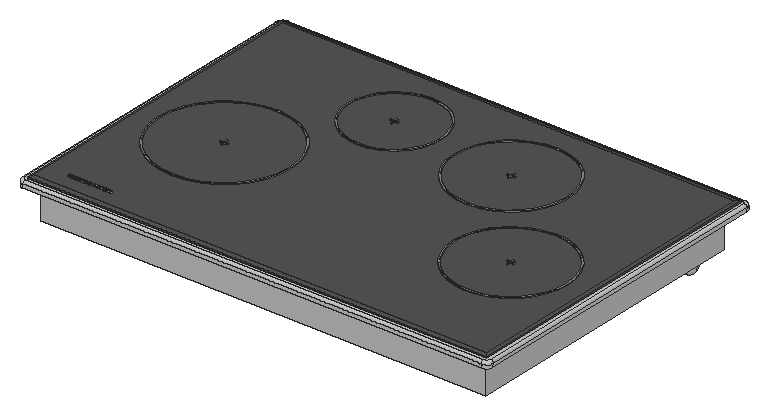
Revit family "FP_Revit_18_CI304PTX4_Cooktop_90001202B", category Specialty Equipment, Revit 2018
Family settings
  Round Connector Dimension = Use Diameter
  Part Type = Normal
  OmniClass Number = 23.40.40.14.17.11
  OmniClass Title = Cookers, Ovens, Stoves
  Work Plane-Based = No
  Always vertical = Yes
  Cut with Voids When Loaded = Yes
  Shared = No
  Room Calculation Point = No
Parameters
  Visibility - Clearance Required = yes
  URL = "www.fisherpaykel.com"
  Product - Width = 762 mm  # constant formula
  Product - Height = 97 mm  # constant formula
  Product - Depth = 533 mm  # constant formula
  Model = "CI304PTX4"
  Material - Trim = Fisher & Paykel - Stainless Steel
  Material - Graphics = Fisher & Paykel - Graphics Grey
  Material - Glass = Fisher & Paykel - Glass, Black
  Material - Body = Fisher & Paykel - Grey
  Manufacturer = "Fisher & Paykel Appliances"
  FFL Offset [instance] = 915 mm
  Description = "30\" Induction Cooktop"
  Connector Note - Electrical = "208 or 240 V, 39 A or 45 A, 60 Hz,"
  Clearance - Side of cooktop to nearest Combustible Surface = 14 mm  # constant formula
  Clearance - Rear of cooktop to nearest Combustible Surface = 12 mm  # constant formula
  Clearance - Overhead Rangehood = 650 mm  # constant formula
  Clearance - Overhead Non-Combustible = 610 mm  # constant formula
  Clearance - Overhead Combustible = 762 mm  # constant formula
  Clearance - Below = 85 mm  # constant formula
  Chassis - Width = 720 mm  # constant formula
  Chassis - Height = 53 mm  # constant formula
  Chassis - Depth = 482 mm  # constant formula
  Cavity - Width = 730 mm  # constant formula
  Cavity - Height = 85 mm  # constant formula
  Cavity - Depth = 490 mm  # constant formula
Reference planes
  plane 1 "Datum": y = 0
  plane 2: z = 0
  plane 3 "Center (Left/Right)": x = 0
  plane 4 "Product LHS": x = -381
  plane 5 "Product RHS": x = 381
  plane 6 "Product - Depth": y = 533
  plane 7 "Cavity LHS": x = -365
  plane 8 "Cavity RHS": x = 365
  plane 9 "Chassis - Front": y = 21
  plane 10 "Cavity - Depth": y = 506.2
  plane 11 "Chassis - Depth": y = 503
  plane 12 "Bottom": z = 830
  plane 13 "FFL Offset": z = 915
  plane 14 "Glass": z = 928.5
  plane 15 "Cavity - Front": y = 16.2
Forms (mm)
  Extrusion 1, solid, material "Fisher & Paykel - Glass, Black" <- "Material - Glass"
    sketch origin (0, 0, 0) x (0, 1, 0) y (0, 0, 1)
      loop
        line (15.01, 928.5) -> (9.994, 927.062) -> (9.994, 924.5) -> (523.361, 924.5) -> (523.361, 927.076) -> (518.396, 928.5) -> (15.01, 928.5)
    from -371 to 371
  Extrusion 2, solid, material "Fisher & Paykel - Clearance Required (Cutout)", visible <- "Visibility - Clearance Required", detail levels coarse
    sketch origin (0, 0, 0) x (1, 0, 0) y (0, 1, 0)
      loop
        line (-365, 506.2) -> (-365, 16.2) -> (365, 16.2) -> (365, 506.2) -> (-365, 506.2)
    from 830 to 915
  Extrusion 3, solid, material "Fisher & Paykel - Clearance Required (Non-Combustible)", visible <- "Visibility - Clearance Required", detail levels coarse
    sketch origin (0, 0, 0) x (1, 0, 0) y (0, 1, 0)
      loop
        line (-381, 0) -> (381, 0) -> (381, 533) -> (-381, 533) -> (-381, 0)
    from 928.5 to 1538.5
  Extrusion 4, solid, material "Fisher & Paykel - Clearance Required (Rangehood)", visible <- "Visibility - Clearance Required", detail levels coarse
    sketch origin (0, 0, 0) x (1, 0, 0) y (0, 1, 0)
      loop
        line (-381, 533) -> (-381, 0) -> (381, 0) -> (381, 533) -> (-381, 533)
    from 1538.5 to 1578.5
  Extrusion 5, solid, material "Fisher & Paykel - Grey" <- "Material - Body"
    sketch origin (0, 0, 0) x (0, 1, 0) y (0, 0, 1)
      loop
        line (21, 862) -> (503, 862) -> (503, 915) -> (21, 915) -> (21, 862)
    from -360 to 360
  Extrusion 6, solid, material "Fisher & Paykel - Stainless Steel" <- "Material - Trim"
    sketch origin (0, 0, 0) x (1, 0, 0) y (0, 1, 0)
      loop
        line (-371, 0) -> (371, 0)
        arc (371, 0) -> (378.071, 2.929) -> (381, 10) r 10
        line (381, 10) -> (381, 523)
        arc (381, 523) -> (378.071, 530.071) -> (371, 533) r 10
        line (371, 533) -> (-371, 533)
        arc (-371, 533) -> (-378.071, 530.071) -> (-381, 523) r 10
        line (-381, 523) -> (-381, 10)
        arc (-381, 10) -> (-378.071, 2.929) -> (-371, 0) r 10
    from 915 to 924.5
  Sweep 7, void
    path in 3D
      loop
        arc (381, 523, 924.5) -> (378.071, 530.071, 924.5) -> (371, 533, 924.5) r 10
        line (371, 533, 924.5) -> (-371, 533, 924.5)
        arc (-371, 533, 924.5) -> (-378.071, 530.071, 924.5) -> (-381, 523, 924.5) r 10
        line (-381, 523, 924.5) -> (-381, 10, 924.5)
        arc (-381, 10, 924.5) -> (-378.071, 2.929, 924.5) -> (-371, 0, 924.5) r 10
        line (-371, 0, 924.5) -> (371, 0, 924.5)
        arc (371, 0, 924.5) -> (378.071, 2.929, 924.5) -> (381, 10, 924.5) r 10
        line (381, 10, 924.5) -> (381, 523, 924.5)
    profile origin (381, 266.5, 924.5) x (-1, 0, 0) y (0, 0, 1)
      loop
        line (0, 0) -> (0, -4)
        arc (0, -4) -> (1.172, -1.172) -> (4, 0) r 4
        line (4, 0) -> (0, 0)
  Extrusion 8, void
    sketch origin (0, 0, 0) x (1, 0, 0) y (0, 0, 1)
      loop
        line (371, 927.066) -> (371, 928.5) -> (366.311, 928.5) -> (371, 927.066)
      loop
        line (-371, 927.066) -> (-366.311, 928.5) -> (-371, 928.5) -> (-371, 927.066)
    from -523.365 to -9.994
  Extrusion 9, solid, material "Fisher & Paykel - Graphics Grey" <- "Material - Graphics", detail levels fine
    sketch origin (0, 0, 0) x (1, 0, 0) y (0, 1, 0)
      loop
        circle (106.166, 390.579) r 92
      loop
        circle (106.166, 390.579) r 89.798
      loop
        circle (244.829, 216.24) r 89.797
      loop
        circle (244.829, 216.24) r 92
      loop
        circle (-230.498, 231.219) r 107
      loop
        circle (-230.498, 231.219) r 104.798
      loop
        circle (-96.947, 408.202) r 75.5
      loop
        circle (-96.947, 408.202) r 73.299
      loop
        line (-95.963, 414.445) -> (-97.931, 414.445) -> (-97.931, 409.279) -> (-103.097, 409.279) -> (-103.097, 407.311) -> (-97.931, 407.311) -> (-97.931, 402.145) -> (-95.963, 402.145) -> (-95.963, 407.311) -> (-90.797, 407.311) -> (-90.797, 409.279) -> (-95.963, 409.279) -> (-95.963, 414.445)
      loop
        line (-229.362, 237.46) -> (-231.33, 237.46) -> (-231.33, 232.293) -> (-236.496, 232.293) -> (-236.496, 230.326) -> (-231.33, 230.326) -> (-231.33, 225.16) -> (-229.362, 225.16) -> (-229.362, 230.326) -> (-224.196, 230.326) -> (-224.196, 232.293) -> (-229.362, 232.293) -> (-229.362, 237.46)
      loop
        line (245.808, 222.28) -> (243.84, 222.28) -> (243.84, 217.114) -> (238.674, 217.114) -> (238.674, 215.146) -> (243.84, 215.146) -> (243.84, 209.98) -> (245.808, 209.98) -> (245.808, 215.146) -> (250.974, 215.146) -> (250.974, 217.114) -> (245.808, 217.114) -> (245.808, 222.28)
      loop
        line (107.238, 396.85) -> (105.27, 396.85) -> (105.27, 391.684) -> (100.104, 391.684) -> (100.104, 389.716) -> (105.27, 389.716) -> (105.27, 384.55) -> (107.238, 384.55) -> (107.238, 389.716) -> (112.404, 389.716) -> (112.404, 391.684) -> (107.238, 391.684) -> (107.238, 396.85)
    from 928 to 929
  Extrusion 10, solid, material "Fisher & Paykel - Clearance Required (Combustible)", visible <- "Visibility - Clearance Required", detail levels coarse
    sketch origin (0, -0.3, 0) x (1, 0, 0) y (0, 1, 0)
      loop
        line (-381, 0.3) -> (-381, 533.3) -> (381, 533.3) -> (381, 0.3) -> (395, 0.3) -> (395, 545.3) -> (-395, 545.3) -> (-395, 0.3) -> (-381, 0.3)
    from 928.5 to 1578.5
  Extrusion 11, void
    sketch origin (0, 0, 0) x (1, 0, 0) y (0, 1, 0)
      loop
        line (-365, 506.2) -> (-365, 16.2) -> (365, 16.2) -> (365, 506.2) -> (-365, 506.2)
    from 830 to 915
Cuts and joins
  Sweep 7 cuts Extrusion 6
  Extrusion 8 cuts Extrusion 1
Lines and regions (mm)
  sketch lines
    curve 1: line (381, 10, 924.5) -> (381, 523, 924.5)
    curve 2: arc (381, 10, 924.5) -> (378.071, 2.929, 924.5) -> (371, 0, 924.5) r 10
    curve 3: line (-371, 0, 924.5) -> (371, 0, 924.5)
    curve 4: arc (-371, 0, 924.5) -> (-378.071, 2.929, 924.5) -> (-381, 10, 924.5) r 10
    curve 5: line (-381, 523, 924.5) -> (-381, 10, 924.5)
    curve 6: arc (-381, 523, 924.5) -> (-378.071, 530.071, 924.5) -> (-371, 533, 924.5) r 10
    curve 7: line (371, 533, 924.5) -> (-371, 533, 924.5)
    curve 8: arc (371, 533, 924.5) -> (378.071, 530.071, 924.5) -> (381, 523, 924.5) r 10
Text (mm)
  text "Due to ongoing product development, product details are subject to change without notice. \nPlease always refer to www.fisherpaykel.com for the most current product information. \n© Fisher & Paykel 2020" at (41.04, -387.478, 0), in view "Ref. Level (Plan)"
Dimensions and locks
  equal spacing: plane 4 "Product LHS", plane 3 "Center (Left/Right)", plane 5 "Product RHS"
  "Product - Width": plane 4 "Product LHS" to plane 5 "Product RHS"
  equal spacing: plane 7 "Cavity LHS", plane 3 "Center (Left/Right)", plane 8 "Cavity RHS"
  "Cavity - Width": plane 7 "Cavity LHS" to plane 8 "Cavity RHS"
  equal spacing: Extrusion 5, plane 3 "Center (Left/Right)", Extrusion 5
  "Chassis - Width": Extrusion 5 to Extrusion 5
  plane 1 "Datum" to plane 9 "Chassis - Front" = 21 mm  (x2)
  "Chassis - Depth": plane 11 "Chassis - Depth" to plane 9 "Chassis - Front"
  plane 4 "Product LHS" to nested 1 = 50.003 mm
  cut or joined group of Extrusion 1, Extrusion 8 to nested 1 = 75 mm
  plane 1 "Datum" to nested 1 = 40.356 mm
  "FFL Offset": plane 13 "FFL Offset" to level
  "Chassis - Height": plane 13 "FFL Offset" to Extrusion 5
  locked: Extrusion 1 sketch curve to plane 13 "FFL Offset" at 9.5
  locked: cut or joined group of Extrusion 6, Sweep 7 to Extrusion 1 sketch curve at 13.5
  "Cavity - Height": plane 13 "FFL Offset" to plane 12 "Bottom"
  locked: plane 13 "FFL Offset" to nested 2 at 50.098
  locked: plane 14 "Glass" to plane 13 "FFL Offset" at 13.5
  locked: plane 14 "Glass" to nested 1 at 0.8
  locked: cut or joined group of Extrusion 1, Extrusion 8 to plane 13 "FFL Offset" at 9.5
  equal spacing: cut or joined group of Extrusion 1, Extrusion 8, plane 3 "Center (Left/Right)", cut or joined group of Extrusion 1, Extrusion 8
  cut or joined group of Extrusion 1, Extrusion 8 to cut or joined group of Extrusion 1, Extrusion 8 = 742 mm
  locked: Extrusion 9 to plane 13 "FFL Offset" at 14
  locked: Extrusion 9 to plane 13 "FFL Offset" at 13
  "Clearance - Overhead Non-Combustible": plane 14 "Glass" to Extrusion 4
  plane 12 "Bottom" to Extrusion 10 = 98.5 mm
  "Cavity - Depth": plane 15 "Cavity - Front" to plane 10 "Cavity - Depth"
  "Clearance - Rear of cooktop to nearest Combustible Surface": Extrusion 10 to plane 6 "Product - Depth"
  "Clearance - Side of cooktop to nearest Combustible Surface": Extrusion 10 to plane 4 "Product LHS"
  "Clearance - Side of cooktop to nearest Combustible Surface": plane 5 "Product RHS" to Extrusion 10
  "Clearance - Overhead Rangehood": plane 14 "Glass" to Extrusion 10
  aligned and locked: level to plane 2
  aligned and locked: Extrusion 4 to Extrusion 3
  aligned and locked: plane 10 "Cavity - Depth" to Extrusion 2
  aligned and locked: plane 6 "Product - Depth" to Extrusion 6 sketch curve
  aligned and locked: plane 13 "FFL Offset" to Extrusion 5
  aligned and locked: plane 14 "Glass" to Extrusion 10
  aligned and locked: plane 14 "Glass" to Extrusion 3
  aligned and locked: Extrusion 6 to Extrusion 2
  aligned and locked: Extrusion 8 to Extrusion 1
  aligned and locked: Extrusion 8 sketch curve to cut or joined group of Extrusion 1, Extrusion 8
  aligned and locked: Sweep 7 sketch curve to profile plane
  aligned and locked: profile plane to Sweep 7 sketch curve
  aligned and locked: Extrusion 6 to Extrusion 5
  aligned and locked: Extrusion 6 to Sweep 7
  aligned and locked: Extrusion 6 to cut or joined group of Extrusion 1, Extrusion 8
  aligned and locked: Extrusion 6 to plane 13 "FFL Offset"
  aligned and locked: Extrusion 11 to Extrusion 2
  aligned and locked: Extrusion 2 to Extrusion 11
  aligned and locked: Extrusion 11 to plane 12 "Bottom"
  aligned and locked: plane 15 "Cavity - Front" to Extrusion 11
  aligned and locked: plane 15 "Cavity - Front" to Extrusion 2
  aligned and locked: Extrusion 10 to Extrusion 4
Automatic sketch dimensions
  plane 10 "Cavity - Depth" to Extrusion 1 sketch curve = 12.196 mm
  plane 14 "Glass" to Extrusion 1 sketch curve = 1.424 mm
  Extrusion 1 sketch curve to Extrusion 1 sketch curve = 4.965 mm
  plane 14 "Glass" to Extrusion 1 sketch curve = 1.438 mm
  Extrusion 2 sketch curve to plane 10 "Cavity - Depth" = 0 mm
  plane 7 "Cavity LHS" to Extrusion 2 sketch curve = 0 mm
  Extrusion 2 sketch curve to plane 8 "Cavity RHS" = 0 mm
  Extrusion 3 sketch curve to plane 4 "Product LHS" = 0 mm
  Extrusion 3 sketch curve to plane 5 "Product RHS" = 0 mm
  plane 1 "Datum" to Extrusion 3 sketch curve = 0 mm
  Extrusion 3 sketch curve to plane 6 "Product - Depth" = 0 mm
  plane 1 "Datum" to Extrusion 4 sketch curve = 0 mm
  Extrusion 4 sketch curve to plane 4 "Product LHS" = 0 mm
  Extrusion 4 sketch curve to plane 5 "Product RHS" = 0 mm
  Extrusion 4 sketch curve to plane 6 "Product - Depth" = 0 mm
  Extrusion 5 sketch curve to plane 9 "Chassis - Front" = 0 mm
  Extrusion 5 sketch curve to plane 11 "Chassis - Depth" = 0 mm
  Extrusion 5 sketch curve to plane 13 "FFL Offset" = 0 mm
  plane 12 "Bottom" to Extrusion 5 sketch curve = 32 mm
  Extrusion 6 sketch curve to plane 4 "Product LHS" = 0 mm
  plane 1 "Datum" to Extrusion 6 sketch curve = 0 mm
  Extrusion 6 sketch curve to plane 5 "Product RHS" = 0 mm
  plane 7 "Cavity LHS" to Extrusion 6 sketch curve = 6 mm  (x2)
  Extrusion 6 sketch curve to plane 8 "Cavity RHS" = 6 mm  (x2)
  Sweep 7 sketch curve to profile plane = 4 mm
  Extrusion 8 sketch curve to plane 14 "Glass" = 0 mm  (x2)
  Extrusion 8 sketch curve to plane 8 "Cavity RHS" = 1.311 mm
  plane 7 "Cavity LHS" to Extrusion 8 sketch curve = 1.311 mm
  plane 14 "Glass" to Extrusion 8 sketch curve = 1.434 mm
  Extrusion 8 sketch curve to Extrusion 8 sketch curve = 4.689 mm
  Extrusion 8 sketch curve to Extrusion 8 sketch curve = 1.434 mm
  Extrusion 9 sketch curve to Extrusion 9 sketch curve = 0 mm  (x16)
  Extrusion 9 sketch curve to plane 7 "Cavity LHS" = 128.504 mm
  Extrusion 9 sketch curve to Extrusion 9 sketch curve = 5.166 mm  (x16)
  Extrusion 9 sketch curve to Extrusion 9 sketch curve = 0.832 mm
  Extrusion 9 sketch curve to Extrusion 9 sketch curve = 1.968 mm  (x9)
  Extrusion 9 sketch curve to plane 3 "Center (Left/Right)" = 103.097 mm
  Extrusion 9 sketch curve to Extrusion 9 sketch curve = 0.984 mm  (x2)
  plane 3 "Center (Left/Right)" to Extrusion 9 sketch curve = 100.104 mm
  Extrusion 9 sketch curve to Extrusion 9 sketch curve = 0.897 mm
  plane 8 "Cavity RHS" to Extrusion 9 sketch curve = 126.326 mm
  Extrusion 9 sketch curve to Extrusion 9 sketch curve = 0.989 mm
  Extrusion 9 sketch curve to Extrusion 9 sketch curve = 0.979 mm
  Extrusion 9 sketch curve to plane 9 "Chassis - Front" = 188.98 mm
  Extrusion 9 sketch curve to Extrusion 9 sketch curve = 1.094 mm
  Extrusion 9 sketch curve to plane 9 "Chassis - Front" = 204.16 mm
  Extrusion 9 sketch curve to Extrusion 9 sketch curve = 0.893 mm
  Extrusion 9 sketch curve to Extrusion 9 sketch curve = 1.075 mm  (x2)
  Extrusion 9 sketch curve to plane 11 "Chassis - Depth" = 118.45 mm
  Extrusion 9 sketch curve to Extrusion 9 sketch curve = 0.863 mm
  Extrusion 9 sketch curve to Extrusion 9 sketch curve = 1.105 mm
  Extrusion 9 sketch curve to plane 11 "Chassis - Depth" = 100.855 mm
  Extrusion 9 sketch curve to Extrusion 9 sketch curve = 0.891 mm
  Extrusion 9 sketch curve to Extrusion 9 sketch curve = 1.077 mm  (x2)
  plane 1 "Datum" to Extrusion 10 sketch curve = 0 mm  (x2)
  Extrusion 10 sketch curve to plane 4 "Product LHS" = 0 mm
  Extrusion 10 sketch curve to plane 5 "Product RHS" = 0 mm
  Extrusion 10 sketch curve to plane 6 "Product - Depth" = 0 mm
  plane 6 "Product - Depth" to Extrusion 10 sketch curve = 12 mm
  plane 4 "Product LHS" to Extrusion 10 sketch curve = 14 mm
  Extrusion 10 sketch curve to plane 5 "Product RHS" = 14 mm
  Extrusion 11 sketch curve to plane 10 "Cavity - Depth" = 0 mm
  plane 7 "Cavity LHS" to Extrusion 11 sketch curve = 0 mm
  Extrusion 11 sketch curve to plane 8 "Cavity RHS" = 0 mm
  plane 9 "Chassis - Front" to Extrusion 1 sketch curve = 5.99 mm
  Extrusion 1 sketch curve to Extrusion 1 sketch curve = 5.015 mm
  plane 9 "Chassis - Front" to Extrusion 2 sketch curve = 4.8 mm
  plane 9 "Chassis - Front" to Extrusion 11 sketch curve = 4.8 mm
  radius of Extrusion 9 sketch curve = 92 mm  (x2)
  radius of Extrusion 9 sketch curve = 89.798 mm
  radius of Extrusion 9 sketch curve = 89.797 mm
  radius of Extrusion 9 sketch curve = 107 mm
  radius of Extrusion 9 sketch curve = 104.798 mm
  radius of Extrusion 9 sketch curve = 75.5 mm
  radius of Extrusion 9 sketch curve = 73.299 mm
Nested families
  nested 1: "F&P Logo 70mm Horizontal" at (-296, 40.356, 928.5), type "Grey"
  nested 2: "F&P Power Connection Cooktop" at (332.425, 467.612, 926.902), type "F&P Power Connection Cooktop"
Connectors
  electrical at (292.425, 398.531, 844.702), driven by "Connector Note - Electrical"
    settings: on nested 2, index 1, voltage 120 V, apparent load 0 VA, apparent load phase1 0 VA, apparent load phase2 0 VA, apparent load phase3 0 VA, power factor 1, load classification "Other", number of poles 2, system type 30, power factor state 1, is connector primary yes, connector utility no, sub classification motor no, connector description "208 or 240 V, 39 A or 45 A, 60 Hz,"
Definition of nested family "F&P Logo 70mm Horizontal"
  Parameters (values of type "Chrome")
    URL = "www.fisherpaykel.com"
    Material - Logo = none
    Manufacturer = "Fisher & Paykel Appliances"
  Types (3): name
    (no name)
    Chrome
    Grey
  Reference planes
    plane 1 "Center (Front/Back)": y = 0
    plane 2: z = 0
    plane 3 "Center (Left/Right)": x = 0
  Forms (mm)
    Extrusion 1, solid, material <- "Material - Logo", detail levels fine
      sketch origin (0, 0, 0) x (1, 0, 0) y (0, 1, 0)
        loop
          line (-34.997, 0) -> (-33.895, 0) -> (-33.895, 1.496) -> (-32.174, 1.496) -> (-32.174, 2.431) -> (-33.895, 2.431) -> (-33.895, 3.298) -> (-32.023, 3.298) -> (-32.023, 4.228) -> (-34.997, 4.228) -> (-34.997, 0)
        loop
          line (-29.929, 4.228) -> (-29.929, 0) -> (-28.828, 0) -> (-28.828, 4.228) -> (-29.929, 4.228)
        loop
          line (-21.473, 4.228) -> (-21.473, 0) -> (-20.372, 0) -> (-20.372, 1.694) -> (-18.754, 1.694) -> (-18.754, 0) -> (-17.652, 0) -> (-17.652, 4.228) -> (-18.754, 4.228) -> (-18.754, 2.624) -> (-20.372, 2.624) -> (-20.372, 4.228) -> (-21.473, 4.228)
        loop
          line (-15.301, 4.228) -> (-15.301, 0) -> (-12.288, 0) -> (-12.288, 0.8) -> (-14.209, 0.8) -> (-14.209, 1.694) -> (-12.453, 1.694) -> (-12.453, 2.624) -> (-14.209, 2.624) -> (-14.209, 3.428) -> (-12.288, 3.428) -> (-12.288, 4.228) -> (-15.301, 4.228)
        loop
          line (32, 4.228) -> (32, 0) -> (35.003, 0) -> (35.003, 0.93) -> (33.102, 0.93) -> (33.102, 4.228) -> (32, 4.228)
        loop
          line (29.735, 4.228) -> (26.712, 4.228) -> (26.712, 0) -> (29.735, 0) -> (29.735, 0.8) -> (27.814, 0.8) -> (27.814, 1.694) -> (29.57, 1.694) -> (29.57, 2.624) -> (27.814, 2.624) -> (27.814, 3.428) -> (29.735, 3.428) -> (29.735, 4.228)
        loop
          line (23.449, 2.203) -> (25.012, 4.228) -> (23.724, 4.228) -> (22.374, 2.479) -> (22.374, 4.228) -> (21.273, 4.228) -> (21.273, 0) -> (22.374, 0) -> (22.374, 1.894) -> (23.765, 0) -> (25.067, 0) -> (23.449, 2.203)
        loop
          line (15.42, 4.228) -> (17.017, 1.694) -> (17.017, 0) -> (18.119, 0) -> (18.119, 1.639) -> (19.717, 4.228) -> (18.546, 4.228) -> (17.603, 2.595) -> (16.66, 4.228) -> (15.42, 4.228)
        loop
          line (12.969, 4.228) -> (11.922, 4.228) -> (10.2, 0) -> (11.282, 0) -> (11.585, 0.778) -> (13.278, 0.778) -> (13.581, 0) -> (14.69, 0) -> (12.969, 4.228)
        loop
          line (12.913, 1.708) -> (12.419, 2.922) -> (11.946, 1.708) -> (12.913, 1.708)
        loop
          line (5.656, 4.228) -> (5.656, 0) -> (6.757, 0) -> (6.757, 1.357) -> (7.557, 1.357)
          arc (7.557, 1.357) -> (8.993, 2.792) -> (7.557, 4.228) r 1.436
          line (7.557, 4.228) -> (5.656, 4.228)
        loop
          line (6.757, 2.238) -> (7.557, 2.238)
          arc (7.557, 2.238) -> (8.088, 2.768) -> (7.557, 3.298) r 0.53
          line (7.557, 3.298) -> (6.757, 3.298) -> (6.757, 2.238)
        loop
          line (-8.214, 4.228) -> (-10.023, 4.228) -> (-10.023, 0) -> (-9.058, 0) -> (-9.058, 0.8) -> (-8.258, 0.8) -> (-7.647, 0) -> (-6.373, 0) -> (-7.452, 1.381)
          arc (-7.452, 1.381) -> (-6.741, 3.097) -> (-8.214, 4.228) r 1.525
        loop
          line (-8.921, 3.298) -> (-8.921, 2.137) -> (-8.121, 2.137)
          arc (-8.121, 2.137) -> (-7.54, 2.718) -> (-8.121, 3.298) r 0.581
          line (-8.121, 3.298) -> (-8.921, 3.298)
        loop
          line (0.368, 3.298) -> (0.368, 4.307) -> (-2.553, 4.307) -> (-2.553, 3.499) -> (-2.048, 2.878)
          arc (-2.048, 2.878) -> (-2.424, 0.478) -> (0.002, 0.358) r 1.633
          line (0.002, 0.358) -> (0.495, -0.272) -> (1.765, -0.272) -> (0.636, 1.116) -> (1.613, 2.524) -> (0.481, 2.524) -> (0.025, 1.867) -> (-1.14, 3.298) -> (0.368, 3.298)
        loop
          arc (-1.454, 2.148) -> (-1.555, 1.167) -> (-0.574, 1.067) r 0.697
          line (-0.574, 1.067) -> (-1.454, 2.148)
        loop
          line (-24.593, 2.544) -> (-25.527, 2.737)
          arc (-25.527, 2.737) -> (-25.9, 3.11) -> (-25.527, 3.483) r 0.373
          arc (-25.527, 3.483) -> (-24.631, 3.353) -> (-23.808, 2.973) r 3.153
          line (-23.808, 2.973) -> (-23.808, 4.02)
          arc (-23.808, 4.02) -> (-24.851, 4.326) -> (-25.937, 4.276) r 3.308
          arc (-25.937, 4.276) -> (-26.941, 3.034) -> (-25.937, 1.792) r 1.27
          line (-25.937, 1.792) -> (-24.994, 1.597)
          arc (-24.994, 1.597) -> (-24.621, 1.224) -> (-24.994, 0.851) r 0.373
          arc (-24.994, 0.851) -> (-25.891, 0.981) -> (-26.714, 1.361) r 3.153
          line (-26.714, 1.361) -> (-26.714, 0.314)
          arc (-26.714, 0.314) -> (-25.671, 0.009) -> (-24.585, 0.058) r 3.308
          arc (-24.585, 0.058) -> (-23.58, 1.304) -> (-24.593, 2.544) r 1.27
      from 0 to 0.8
  Dimensions and locks
    Extrusion 1 sketch curve to Extrusion 1 sketch curve = 70 mm
    aligned and locked: level to plane 2
Definition of nested family "F&P Power Connection Cooktop"
  Parameters (values of type "F&P Power Connection Cooktop")
    URL = "www.fisherpaykel.com"
    Model = ""
    Material - Body = none
    Manufacturer = "Fisher & Paykel Appliances"
    Description = ""
  Reference planes
    plane 1 "Center (Front/Back)": y = 0
    plane 2: z = 0
    plane 3 "Center (Left/Right)": x = 0
  Forms (mm)
    Extrusion 1, solid, material <- "Material - Body"
      sketch origin (-399.3, -461.987, 0) x (1, 0, 0) y (0, 1, 0)
        loop
          line (371.3, 470.923) -> (371.3, 477.382)
          arc (371.3, 477.382) -> (365.3, 483.382) -> (359.3, 477.382) r 6
          line (359.3, 477.382) -> (359.3, 470.923) -> (371.3, 470.923)
        loop
          circle (365.3, 477.382) r 2
        loop
          line (371.3, 453.05) -> (359.3, 453.05) -> (359.3, 446.592)
          arc (359.3, 446.592) -> (365.3, 440.592) -> (371.3, 446.592) r 6
          line (371.3, 446.592) -> (371.3, 453.05)
        loop
          circle (365.3, 446.592) r 2
      from -85 to -75
    Revolve 2, solid, material <- "Material - Body"
      sketch origin (-399.3, 0, 0) x (1, 0, 0) y (0, 0, 1)
        loop
          line (359.3, -70.404) -> (359.3, -82.2) -> (411.196, -82.2)
          arc (411.196, -82.2) -> (407.741, -73.859) -> (399.4, -70.404) r 11.796
          line (399.4, -70.404) -> (359.3, -70.404)
        axis (359.3, -82.2) -> (411.196, -82.2)
      angle from 0 to 360
    Revolve 3, solid, material <- "Material - Body"
      sketch origin (-399.3, 0, 0) x (1, 0, 0) y (0, 0, 1)
        loop
          line (410.3, -62) -> (399.3, -62) -> (399.3, -82.2) -> (410.3, -82.2) -> (410.3, -62)
        axis (399.3, -62) -> (399.3, -82.2)
      angle from 0 to 360
    Sweep 4, solid, material <- "Material - Body"
      path origin (-399.3, -461.987, 0) x (1, 0, 0) y (0, 1, 0)
        loop
          line (359.3, 392.906) -> (280.841, 392.906)
          arc (280.841, 392.906) -> (222.158, 372.738) -> (188.271, 320.757) r 95.459
          arc (188.271, 320.757) -> (14.034, 258.449) -> (22.747, 443.286) r 111.355
          arc (22.747, 443.286) -> (55.057, 457.224) -> (89.922, 461.987) r 130
          line (89.922, 461.987) -> (359.3, 461.987)
      profile origin (-174.689, 0, 0) x (0, 1, 0) y (0, 0, 1)
        loop
          circle (0, -82.2) r 11
    Extrusion 5, solid, material <- "Material - Body", detail levels medium+fine
      sketch origin (-170.063, -461.987, 0) x (0, 1, 0) y (0, 0, 1)
        loop
          circle (392.954, -77.981) r 3
        loop
          circle (388.579, -82.669) r 3
        loop
          circle (397.329, -82.669) r 3
        loop
          circle (392.954, -87.356) r 3
      from 160 to 130.063
  Cuts and joins
    joined: Extrusion 1, Revolve 2, Revolve 3
  Text (mm)
    text "Due to ongoing product development, product details are subject to change without notice. \nPlease always refer to www.fisherpaykel.com for the most current product information. \n© Fisher & Paykel 2020" at (41.04, -387.478, 0), in view "Ref. Level (Plan)"
  Dimensions and locks
    aligned and locked: level to plane 2
